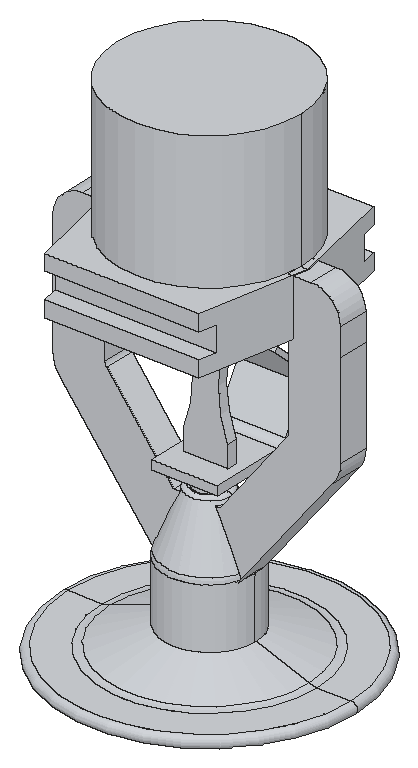
Revit family
Parameters (values of type "RASCO JL112 PENDENT")
  Temperature Rating = 165 °F
  Response = 1
  RASCO SIN # = "R7216"
  RASCO Part # = "JL112P1B"
  Pressure Rating = "175 PSI"
  Pressure Class = (empty or 0)
  Orifice Size = 3/4"
  Orifice = (empty or 0)
  Model = "JL112"
  Manufacturer = "RASCO"
  K-Factor = 11.2
  Description = "BRONZE FINISH"
  Coverage = (empty or 0)
Reference planes (in)
  plane 1 "Center (Front/Back)": y = 0
  plane 2: z = 0
  plane 3 "Center (Left/Right)": x = 0
Nested families (in)
  nested 1: "JL112P1B" at (0, 0, 3.11446) x (-1, 0, 0) z (0, 0, -1), type "RASCO JL112 PENDENT"
Connectors (in)
  piping at (0, 0, 3.11446)
    settings: on nested 1, index 1, connector radius 1/2", flow factor 0, pipe flow 0 GPM, pressure drop 0.00 psi, fitting loss kfactor 0, connector angle 0.00°, fixture units 0, flow configuration 0, flow direction 0, fitting loss method 0, system type 7, connector reference index -1, connector utility 0, adjustable connector no, is connector primary yes, fitting loss table "", connector description ""
Definition of nested family "JL112P1B"
  Parameters (values of type "RASCO JL112 PENDENT")
    Type Comments = ""
    Temperature Rating = 0 °F
    Response = (empty or 0)
    Pressure Rating = "0"
    Pressure Class = (empty or 0)
    Orifice Size = 0"
    Orifice = (empty or 0)
    Model = ""
    Manufacturer = ""
    K-Factor = 0
    Description = ""
    Coverage = (empty or 0)
    Assembly Code = ""
  Reference planes (in)
    plane 1 "Center (Front/Back)": y = 0
    plane 2: z = 0
    plane 3 "REF.1": z = 0.773
    plane 4 "top": z = 2.8125
    plane 5: x = -0.81624
    plane 6: x = 0.81332
    plane 7 "ref.2": z = 2.098
    plane 8 "head": z = 2.6725
    plane 9 "left/right center": x = 0
    plane 10 "screw": z = 1.98251
    plane 11 "link2": through (0, -0.02489, 1.21079) normal (0, 0.6767, -0.7363)
    plane 12: z = 2.95
  Forms (in)
    Extrusion 1, solid
      sketch origin (0, 0, 0) x (1, 0, 0) y (0, 1, 0)
        loop
          circle (0, 0) r 0.5221
      from 0 to 0.773
    Extrusion 2, solid
      sketch origin (0, 0, 0.773) x (-1, 0, 0) y (0, -1, 0)
        loop
          line (-0.43619, -0.62052) -> (0.4375, -0.62052) -> (0.56391, 0) -> (0.4375, 0.62052) -> (-0.43619, 0.62052) -> (-0.56259, 0) -> (-0.43619, -0.62052)
      from 0 to 0.325
    Extrusion 3, void
      sketch origin (0, 0, 0) x (1, 0, 0) y (0, 0, 1)
        loop
          line (-0.56391, 1.00774) -> (-0.56391, 0.86298) -> (0.56259, 0.86298) -> (0.56259, 1.00774) -> (-0.56391, 1.00774)
      from 0.52148 to 0.62052
    Extrusion 4, solid
      sketch origin (0, 0, 0) x (1, 0, 0) y (0, 0, 1)
        loop
          line (-0.5221, 0.773) -> (-0.5221, 1.098) -> (-0.5221, 1.58091)
          arc (-0.5221, 1.58091) -> (-0.5194, 1.59708) -> (-0.51161, 1.61149) r 0.04979
          line (-0.51161, 1.61149) -> (-0.13316, 2.098) -> (-0.00066, 2.098) -> (0.13184, 2.098) -> (0.5115, 1.61158)
          arc (0.5115, 1.61158) -> (0.51938, 1.59706) -> (0.5221, 1.58077) r 0.05007
          line (0.5221, 1.58077) -> (0.5221, 1.098) -> (0.5221, 0.773) -> (0.64763, 0.773)
          arc (0.64763, 0.773) -> (0.76676, 0.82234) -> (0.8161, 0.94147) r 0.16847
          line (0.8161, 0.94147) -> (0.8161, 1.098) -> (0.8161, 1.63725)
          arc (0.8161, 1.63725) -> (0.80631, 1.69579) -> (0.77801, 1.74796) r 0.17993
          line (0.77801, 1.74796) -> (0.18552, 2.50706) -> (-0.18743, 2.50706) -> (-0.77818, 1.74764)
          arc (-0.77818, 1.74764) -> (-0.80636, 1.69554) -> (-0.8161, 1.63712) r 0.18
          line (-0.8161, 1.63712) -> (-0.8161, 1.098) -> (-0.8161, 0.94094)
          arc (-0.8161, 0.94094) -> (-0.76691, 0.82219) -> (-0.64816, 0.773) r 0.16794
          line (-0.64816, 0.773) -> (-0.5221, 0.773)
      from -0.08649 to 0.08732
    Extrusion 5, void
      sketch origin (0.00728, 1.142, 0) x (1, 0, 0) y (0, 0, 1)
        loop
          line (-0.56391, 1.00774) -> (-0.56391, 0.86298) -> (0.56259, 0.86298) -> (0.56259, 1.00774) -> (-0.56391, 1.00774)
      from 0.52148 to 0.62052
    Revolve 6, solid
      sketch origin (0, 0, 0) x (1, 0, 0) y (0, 0, 1)
        loop
          line (-0.00066, 2.8125) -> (-0.24139, 2.8125)
          arc (-0.24139, 2.8125) -> (-0.25522, 2.80677) -> (-0.26095, 2.79293) r 0.01957
          line (-0.26095, 2.79293) -> (-0.26095, 2.42899)
          arc (-0.26095, 2.42899) -> (-0.25939, 2.41285) -> (-0.25476, 2.3973) r 0.08419
          line (-0.25476, 2.3973) -> (-0.12582, 2.07995)
          arc (-0.12582, 2.07995) -> (-0.11591, 2.06775) -> (-0.10088, 2.06316) r 0.02692
          line (-0.10088, 2.06316) -> (-0.00066, 2.06316) -> (-0.00066, 2.8125)
        axis (-0.00066, 2.8125) -> (-0.00066, 2.06316)
      angle from 0 to 360
    Extrusion 7, solid
      sketch origin (0, 0, 2.8125) x (-1, 0, 0) y (0, -1, 0)
        loop
          circle (0.00095, 0) r 0.18173
      from 0 to 0.01153
    Extrusion 8, solid
      sketch origin (0, 0, 0) x (1, 0, 0) y (0, 0, 1)
        loop
          line (-0.00066, 1.098) -> (0.12634, 1.098) -> (0.12634, 1.25094)
          arc (0.12634, 1.25094) -> (0.07205, 1.52876) -> (0.12634, 1.80659) r 0.738
          line (0.12634, 1.80659) -> (0.12634, 1.9285) -> (-0.12716, 1.9285) -> (-0.12716, 1.80659)
          arc (-0.12716, 1.80659) -> (-0.07288, 1.52876) -> (-0.12716, 1.25094) r 0.73821
          line (-0.12716, 1.25094) -> (-0.12716, 1.098) -> (-0.00066, 1.098)
      from -0.02698 to 0.02489
    Extrusion 9, solid
      sketch origin (0, 0, 0) x (0, 0, -1) y (0, -1, 0)
        loop
          line (-1.92851, 0.17394) -> (-1.98251, 0.17394) -> (-1.98251, -0.23992)
          arc (-1.98251, -0.23992) -> (-1.96437, -0.3088) -> (-1.91467, -0.35983) r 0.13989
          line (-1.91467, -0.35983) -> (-1.70246, -0.48734)
          arc (-1.70246, -0.48734) -> (-1.69224, -0.50115) -> (-1.69478, -0.51815) r 0.02246
          line (-1.69478, -0.51815) -> (-1.72641, -0.57081) -> (-1.68013, -0.59862) -> (-1.63469, -0.52299)
          arc (-1.63469, -0.52299) -> (-1.62907, -0.4854) -> (-1.65167, -0.45485) r 0.04966
          line (-1.65167, -0.45485) -> (-1.89842, -0.30659)
          arc (-1.89842, -0.30659) -> (-1.92047, -0.28396) -> (-1.92851, -0.25341) r 0.06204
          line (-1.92851, -0.25341) -> (-1.92851, 0.17394)
      from -0.18664 to 0.18723
    Extrusion 10, solid
      sketch origin (0, 0, 1.98251) x (-1, 0, 0) y (0, -1, 0)
        loop
          circle (0, 0) r 0.087
      from 0 to 0.0806
    Extrusion 11, solid
      sketch origin (0, -0.61464, 0.66881) x (0, -0.736298, -0.676658) y (-1, 0, 0)
        loop
          line (-0.69009, 0.00066) -> (-0.69009, 0.24966) -> (-0.83009, 0.38966) -> (-1.45483, 0.38966) -> (-1.59483, 0.24966) -> (-1.59483, -0.24834) -> (-1.45483, -0.38834) -> (-0.83009, -0.38834) -> (-0.69009, -0.24834) -> (-0.69009, 0.00066)
      from -0.02887 to 0
    Revolve 12, solid
      sketch origin (0, 0, 0) x (1, 0, 0) y (0, 0, 1)
        loop
          arc (-0.80122, 2.885) -> (-0.83852, 2.91496) -> (-0.80594, 2.95) r 0.03267
          line (-0.80594, 2.95) -> (-0.60991, 2.95)
          arc (-0.60991, 2.95) -> (-0.57643, 2.94718) -> (-0.5439, 2.93879) r 0.2
          line (-0.5439, 2.93879) -> (-0.19802, 2.81786)
          arc (-0.19802, 2.81786) -> (-0.18245, 2.81385) -> (-0.16643, 2.8125) r 0.09569
          line (-0.16643, 2.8125) -> (-0.00095, 2.8125) -> (-0.00095, 2.7475) -> (-0.1684, 2.7475)
          arc (-0.1684, 2.7475) -> (-0.19336, 2.7496) -> (-0.21761, 2.75585) r 0.14908
          line (-0.21761, 2.75585) -> (-0.56462, 2.87718)
          arc (-0.56462, 2.87718) -> (-0.58732, 2.88303) -> (-0.61069, 2.885) r 0.13958
          line (-0.61069, 2.885) -> (-0.80604, 2.885)
        axis (0, 2.95) -> (0, 2.7475)
      angle from 0 to 360
  Cuts and joins
    Extrusion 3, Extrusion 5 cuts Extrusion 2
  Dimensions and locks (in)
    plane 12 to level = 0' - 2.95"
